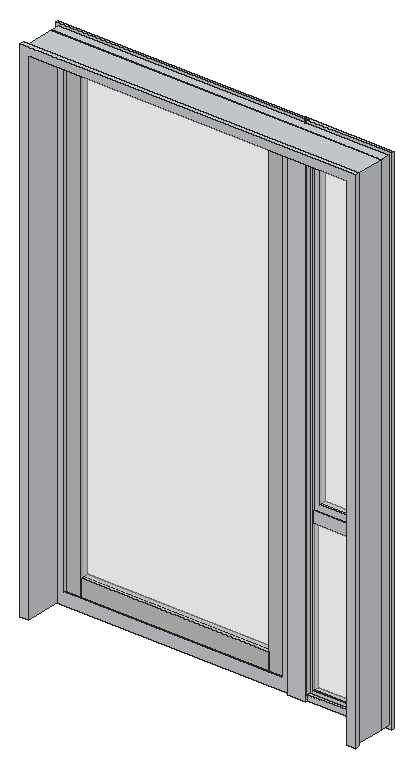
Revit family "APL Residential Thermal Heart Hinged Door with Sidelight", category Doors, host Wall, Revit 2017 (continued)
Definition of nested family "APL Residential Thermal Heart Hinged Door with Sidelight Open Out Horizontal Section"
  Definition of nested family "Open Out Jamb"
    Definition of nested family "65310_Open Out Frame"
      Lines and regions (mm)
        model lines, in view "Ref. Level"
          curve 125: line (44.1, 15.978, 0) -> (44.1, 12.522, 0)
          curve 126: line (43.92, 12.138, 0) -> (41.235, 9.9, 0)
          curve 127: line (41.055, 9.516, 0) -> (41.055, 8.7, 0)
          curve 128: line (41.255, 8.5, 0) -> (41.505, 8.5, 0)
          curve 129: line (42.069, 8.691, 0) -> (43.322, 9.456, 0)
          curve 130: line (43.322, 9.456, 0) -> (44, 9.5, 0)
          curve 131: line (44.194, 9.25, 0) -> (44.006, 8.525, 0)
          curve 132: line (44.006, 8.525, 0) -> (44, 5.247, 0)
          curve 133: line (43.746, 4.5, 0) -> (41.679, 5.043, 0)
          curve 134: line (41.679, 5.043, 0) -> (41.493, 5.352, 0)
          curve 135: line (41.159, 5.441, 0) -> (40.795, 5.078, 0)
          curve 136: line (40.708, 4.892, 0) -> (40.501, 2.526, 0)
          curve 137: line (40.903, 2.218, 0) -> (42.313, 2.732, 0)
          curve 138: line (43.083, 3, 0) -> (44.4, 3, 0)
          curve 139: line (44.6, 2.8, 0) -> (44.6, 1.3, 0)
          curve 140: line (45.9, 0, 0) -> (47.7, 0, 0)
          curve 141: line (47.7, 0, 0) -> (48, 0.3, 0)
          curve 142: line (48, 0.3, 0) -> (53.25, 0.3, 0)
          curve 143: line (53.25, 0.3, 0) -> (53.55, 0, 0)
          curve 144: line (53.55, 0, 0) -> (55.35, 0, 0)
          curve 145: line (55.35, 1.3, 0) -> (46, 1.3, 0)
          curve 146: line (46, 1.3, 0) -> (46, 23.1, 0)
          curve 147: line (46.5, 23.6, 0) -> (48.1, 23.6, 0)
          curve 148: line (48.6, 23.1, 0) -> (48.6, 21.2, 0)
          curve 149: line (49.1, 20.7, 0) -> (49.5, 20.7, 0)
          curve 150: line (50, 21.2, 0) -> (50, 52.5, 0)
          curve 151: arc (-4.1, 23.1, 0) -> (-4.241, 23.159, 0) -> (-4.3, 23.3, 0) r 0.2
          curve 152: arc (-4.3, 23.9, 0) -> (-4.359, 24.041, 0) -> (-4.5, 24.1, 0) r 0.2
          curve 153: arc (-4.875, 24.1, 0) -> (-5.496, 24.182, 0) -> (-6.075, 24.422, 0) r 2.4
          curve 154: arc (-13.9, 27.9, 0) -> (-14.041, 27.841, 0) -> (-14.1, 27.7, 0) r 0.2
          curve 155: arc (-14.1, -0.131, 0) -> (-13.951, -0.808, 0) -> (-13.528, -1.359, 0) r 1.6
          curve 156: arc (-7.044, -6.8, 0) -> (-6.701, -6.916, 0) -> (-6.369, -6.77, 0) r 0.5
          curve 157: arc (-1.693, -2.094, 0) -> (-1.476, -1.769, 0) -> (-1.4, -1.386, 0) r 1
          curve 158: arc (-1.4, 3.2, 0) -> (-0.844, 4.544, 0) -> (0.5, 5.1, 0) r 1.9
          curve 159: arc (23.3, 5.1, 0) -> (23.441, 5.159, 0) -> (23.5, 5.3, 0) r 0.2
          curve 160: arc (23.5, 16.1, 0) -> (23.441, 16.241, 0) -> (23.3, 16.3, 0) r 0.2
          curve 161: arc (18.3, 16.3, 0) -> (18.159, 16.359, 0) -> (18.1, 16.5, 0) r 0.2
          curve 162: arc (18.1, 17.7, 0) -> (18.159, 17.841, 0) -> (18.3, 17.9, 0) r 0.2
          curve 163: arc (23.3, 17.9, 0) -> (23.441, 17.959, 0) -> (23.5, 18.1, 0) r 0.2
          curve 164: arc (23.5, 23.9, 0) -> (23.441, 24.041, 0) -> (23.3, 24.1, 0) r 0.2
          curve 165: arc (16.301, 24.1, 0) -> (16.159, 24.042, 0) -> (16.1, 23.9, 0) r 0.2
          curve 166: arc (16.1, 23.3, 0) -> (16.041, 23.159, 0) -> (15.9, 23.1, 0) r 0.2
          curve 167: arc (11.3, 23.1, 0) -> (11.159, 23.159, 0) -> (11.1, 23.3, 0) r 0.2
          curve 168: arc (11.1, 23.9, 0) -> (11.041, 24.041, 0) -> (10.9, 24.1, 0) r 0.2
          curve 169: arc (2.7, 24.1, 0) -> (2.559, 24.041, 0) -> (2.5, 23.9, 0) r 0.2
          curve 170: arc (2.5, 16.5, 0) -> (2.441, 16.359, 0) -> (2.3, 16.3, 0) r 0.2
          curve 171: arc (1.3, 16.3, 0) -> (1.159, 16.359, 0) -> (1.1, 16.5, 0) r 0.2
          curve 172: arc (1.1, 22.9, 0) -> (1.041, 23.041, 0) -> (0.9, 23.1, 0) r 0.2
          curve 173: arc (26.317, 25.5, 0) -> (26.622, 25.301, 0) -> (26.895, 25.543, 0) r 0.3
          curve 174: arc (26.895, 25.543, 0) -> (26.961, 25.681, 0) -> (27.087, 25.768, 0) r 0.3
          curve 175: arc (28.497, 26.282, 0) -> (28.783, 26.238, 0) -> (28.899, 25.974, 0) r 0.3
          curve 176: arc (28.692, 23.608, 0) -> (28.665, 23.508, 0) -> (28.605, 23.422, 0) r 0.3
          curve 177: arc (28.241, 23.059, 0) -> (28.048, 23.007, 0) -> (27.907, 23.148, 0) r 0.2
          curve 178: arc (27.862, 23.316, 0) -> (27.81, 23.405, 0) -> (27.721, 23.457, 0) r 0.2
          curve 179: arc (25.5, 24, 0) -> (25.22, 23.807, 0) -> (25.3, 23.476, 0) r 0.3
          curve 180: arc (25.3, 23.476, 0) -> (25.374, 23.375, 0) -> (25.4, 23.253, 0) r 0.3
          curve 181: arc (25.206, 19.25, 0) -> (25.242, 19.078, 0) -> (25.4, 19, 0) r 0.2
          curve 182: arc (25.921, 19, 0) -> (26.002, 19.011, 0) -> (26.077, 19.044, 0) r 0.3
          curve 183: arc (27.331, 19.809, 0) -> (27.328, 19.979, 0) -> (27.434, 20.111, 0) r 0.25
          curve 184: arc (27.52, 20.163, 0) -> (27.75, 20.179, 0) -> (27.895, 20, 0) r 0.25
          curve 185: arc (28.145, 20, 0) -> (28.286, 19.941, 0) -> (28.345, 19.8, 0) r 0.2
          curve 186: arc (28.345, 18.984, 0) -> (28.298, 18.772, 0) -> (28.165, 18.6, 0) r 0.5
          curve 187: arc (25.58, 16.446, 0) -> (25.447, 16.274, 0) -> (25.4, 16.062, 0) r 0.5
          curve 188: arc (25.4, 12.438, 0) -> (25.447, 12.226, 0) -> (25.58, 12.054, 0) r 0.5
          curve 189: arc (28.165, 9.9, 0) -> (28.298, 9.728, 0) -> (28.345, 9.516, 0) r 0.5
          curve 190: arc (28.345, 8.7, 0) -> (28.286, 8.559, 0) -> (28.145, 8.5, 0) r 0.2
          curve 191: arc (27.895, 8.5, 0) -> (27.75, 8.321, 0) -> (27.52, 8.337, 0) r 0.25
          curve 192: arc (27.434, 8.389, 0) -> (27.328, 8.521, 0) -> (27.331, 8.691, 0) r 0.25
          curve 193: arc (26.078, 9.456, 0) -> (26.002, 9.489, 0) -> (25.921, 9.5, 0) r 0.3
          curve 194: arc (25.4, 9.5, 0) -> (25.242, 9.422, 0) -> (25.206, 9.25, 0) r 0.2
          curve 195: arc (25.4, 5.247, 0) -> (25.374, 5.125, 0) -> (25.3, 5.024, 0) r 0.3
          curve 196: arc (25.3, 5.024, 0) -> (25.22, 4.693, 0) -> (25.5, 4.5, 0) r 0.3
          curve 197: arc (27.721, 5.043, 0) -> (27.81, 5.095, 0) -> (27.862, 5.184, 0) r 0.2
          curve 198: arc (27.907, 5.352, 0) -> (28.048, 5.493, 0) -> (28.241, 5.441, 0) r 0.2
          curve 199: arc (28.605, 5.078, 0) -> (28.665, 4.992, 0) -> (28.692, 4.892, 0) r 0.3
          curve 200: arc (28.899, 2.526, 0) -> (28.783, 2.262, 0) -> (28.497, 2.218, 0) r 0.3
          curve 201: arc (27.087, 2.732, 0) -> (26.961, 2.819, 0) -> (26.895, 2.957, 0) r 0.3
          curve 202: arc (26.895, 2.957, 0) -> (26.622, 3.199, 0) -> (26.317, 3, 0) r 0.3
          curve 203: arc (24, 3, 0) -> (23.704, 3.097, 0) -> (23.523, 3.35, 0) r 0.5
          curve 204: arc (23.523, 3.35, 0) -> (23.342, 3.603, 0) -> (23.046, 3.7, 0) r 0.5
          curve 205: arc (0.5, 3.7, 0) -> (0.146, 3.554, 0) -> (0, 3.2, 0) r 0.5
          curve 206: arc (0, -1.801, 0) -> (-0.107, -2.336, 0) -> (-0.41, -2.791, 0) r 1.4
          curve 207: arc (-5.407, -7.787, 0) -> (-5.624, -8.112, 0) -> (-5.7, -8.495, 0) r 1
          curve 208: arc (-5.7, -14.159, 0) -> (-5.623, -14.316, 0) -> (-5.452, -14.353, 0) r 0.2
          curve 209: arc (-5.452, -14.353, 0) -> (-4.643, -14.677, 0) -> (-4.687, -15.548, 0) r 0.75
          curve 210: arc (-4.687, -15.548, 0) -> (-5.025, -16.505, 0) -> (-4.687, -17.462, 0) r 1.525
          curve 211: arc (-4.687, -17.462, 0) -> (-4.594, -17.613, 0) -> (-4.539, -17.781, 0) r 0.75
          curve 212: arc (-4.539, -17.781, 0) -> (-4.442, -17.992, 0) -> (-4.26, -18.136, 0) r 0.5
          curve 213: arc (-4.26, -18.136, 0) -> (-3.5, -18.305, 0) -> (-2.74, -18.137, 0) r 1.8
          curve 214: arc (-2.74, -18.137, 0) -> (-2.558, -17.992, 0) -> (-2.461, -17.78, 0) r 0.5
          curve 215: arc (-2.461, -17.78, 0) -> (-2.406, -17.612, 0) -> (-2.312, -17.461, 0) r 0.737
          curve 216: arc (-2.312, -17.461, 0) -> (-1.975, -16.505, 0) -> (-2.312, -15.549, 0) r 1.525
          curve 217: arc (-2.312, -15.549, 0) -> (-2.2, -14.512, 0) -> (-1.163, -14.624, 0) r 0.737
          curve 218: arc (-1.163, -14.624, 0) -> (-0.507, -16.296, 0) -> (-0.924, -18.044, 0) r 3
          curve 219: arc (-0.924, -18.044, 0) -> (-0.93, -18.547, 0) -> (-0.495, -18.8, 0) r 0.5
          curve 220: arc (-0.2, -18.8, 0) -> (-0.059, -18.859, 0) -> (0, -19, 0) r 0.2
          curve 221: arc (0, -19.8, 0) -> (-0.059, -19.941, 0) -> (-0.2, -20, 0) r 0.2
          curve 222: arc (-6, -20, 0) -> (-6.707, -19.707, 0) -> (-7, -19, 0) r 1
          curve 223: arc (-7, -10.063, 0) -> (-7.281, -8.795, 0) -> (-8.072, -7.765, 0) r 3
          curve 224: arc (-14.428, -2.431, 0) -> (-15.219, -1.401, 0) -> (-15.5, -0.133, 0) r 3
          curve 225: arc (-15.5, 33, 0) -> (-15.207, 33.707, 0) -> (-14.5, 34, 0) r 1
          curve 226: arc (-12.1, 34, 0) -> (-11.393, 33.707, 0) -> (-11.1, 33, 0) r 1
          curve 227: arc (-11.1, 32.9, 0) -> (-11.188, 32.688, 0) -> (-11.4, 32.6, 0) r 0.3
          curve 228: arc (-12.1, 29.3, 0) -> (-11.738, 29.252, 0) -> (-11.4, 29.112, 0) r 1.4
          curve 229: arc (-5.375, 25.634, 0) -> (-5.134, 25.534, 0) -> (-4.875, 25.5, 0) r 1
          curve 230: line (0.9, 23.1, 0) -> (-4.1, 23.1, 0)
          curve 231: line (-4.3, 23.3, 0) -> (-4.3, 23.9, 0)
          curve 232: line (-4.5, 24.1, 0) -> (-4.875, 24.1, 0)
          curve 233: line (-6.075, 24.422, 0) -> (-12.054, 27.873, 0)
          curve 234: line (-12.054, 27.873, 0) -> (-13.9, 27.9, 0)
          curve 235: line (-14.1, 27.7, 0) -> (-14.1, -0.131, 0)
          curve 236: line (-13.528, -1.359, 0) -> (-7.044, -6.8, 0)
          curve 237: line (-6.369, -6.77, 0) -> (-1.693, -2.094, 0)
          curve 238: line (-1.4, -1.386, 0) -> (-1.4, 3.2, 0)
          curve 239: line (0.5, 5.1, 0) -> (23.3, 5.1, 0)
          curve 240: line (23.5, 5.3, 0) -> (23.5, 16.1, 0)
          curve 241: line (23.3, 16.3, 0) -> (18.3, 16.3, 0)
          curve 242: line (18.1, 16.5, 0) -> (18.1, 17.7, 0)
          curve 243: line (18.3, 17.9, 0) -> (23.3, 17.9, 0)
          curve 244: line (23.5, 18.1, 0) -> (23.5, 23.9, 0)
          curve 245: line (23.3, 24.1, 0) -> (16.301, 24.1, 0)
          curve 246: line (16.1, 23.9, 0) -> (16.1, 23.3, 0)
          curve 247: line (15.9, 23.1, 0) -> (11.3, 23.1, 0)
          curve 248: line (11.1, 23.3, 0) -> (11.1, 23.9, 0)
          curve 249: line (10.9, 24.1, 0) -> (2.7, 24.1, 0)
          curve 250: line (2.5, 23.9, 0) -> (2.5, 16.5, 0)
          curve 251: line (2.3, 16.3, 0) -> (1.3, 16.3, 0)
          curve 252: line (1.1, 16.5, 0) -> (1.1, 22.9, 0)
          curve 253: line (27.087, 25.768, 0) -> (28.497, 26.282, 0)
          curve 254: line (28.899, 25.974, 0) -> (28.692, 23.608, 0)
          curve 255: line (28.605, 23.422, 0) -> (28.241, 23.059, 0)
          curve 256: line (27.907, 23.148, 0) -> (27.862, 23.316, 0)
          curve 257: line (27.862, 23.316, 0) -> (25.732, 23.99, 0)
          curve 258: line (25.732, 23.99, 0) -> (25.5, 24, 0)
          curve 259: line (25.4, 23.253, 0) -> (25.4, 20.025, 0)
          curve 260: line (25.4, 20.025, 0) -> (25.206, 19.25, 0)
          curve 261: line (25.4, 19, 0) -> (25.921, 19, 0)
          curve 262: line (25.921, 19, 0) -> (27.331, 19.809, 0)
          curve 263: line (27.895, 20, 0) -> (28.145, 20, 0)
          curve 264: line (28.345, 19.8, 0) -> (28.345, 18.984, 0)
          curve 265: line (28.165, 18.6, 0) -> (25.58, 16.446, 0)
          curve 266: line (25.4, 16.062, 0) -> (25.4, 12.438, 0)
          curve 267: line (25.58, 12.054, 0) -> (28.165, 9.9, 0)
          curve 268: line (28.345, 9.516, 0) -> (28.345, 8.7, 0)
          curve 269: line (28.145, 8.5, 0) -> (27.895, 8.5, 0)
          curve 270: line (27.331, 8.691, 0) -> (26.078, 9.456, 0)
          curve 271: line (26.078, 9.456, 0) -> (25.4, 9.5, 0)
          curve 272: line (25.206, 9.25, 0) -> (25.394, 8.525, 0)
          curve 273: line (25.394, 8.525, 0) -> (25.4, 5.247, 0)
          curve 274: line (25.654, 4.5, 0) -> (27.721, 5.043, 0)
          curve 275: line (27.721, 5.043, 0) -> (27.907, 5.352, 0)
          curve 276: line (28.241, 5.441, 0) -> (28.605, 5.078, 0)
          curve 277: line (28.692, 4.892, 0) -> (28.899, 2.526, 0)
          curve 278: line (28.497, 2.218, 0) -> (27.087, 2.732, 0)
          curve 279: line (26.317, 3, 0) -> (24, 3, 0)
          curve 280: line (23.046, 3.7, 0) -> (17.783, 3.7, 0)
          curve 281: line (17.783, 3.7, 0) -> (17.559, 3.559, 0)
          curve 282: line (17.559, 3.559, 0) -> (12.4, 3.5, 0)
          curve 283: line (12.4, 3.5, 0) -> (12, 3.9, 0)
          curve 284: line (12, 3.9, 0) -> (11.6, 3.5, 0)
          curve 285: line (11.6, 3.5, 0) -> (6.583, 3.5, 0)
          curve 286: line (6.583, 3.5, 0) -> (6.359, 3.641, 0)
          curve 287: line (6.359, 3.641, 0) -> (0.5, 3.7, 0)
          curve 288: line (0, 3.2, 0) -> (0, -1.801, 0)
          curve 289: line (-0.41, -2.791, 0) -> (-5.407, -7.787, 0)
          curve 290: line (-5.7, -8.495, 0) -> (-5.7, -14.159, 0)
          curve 291: line (-0.495, -18.8, 0) -> (-0.2, -18.8, 0)
          curve 292: line (0, -19, 0) -> (0, -19.8, 0)
          curve 293: line (-0.2, -20, 0) -> (-6, -20, 0)
          curve 294: line (-7, -19, 0) -> (-7, -10.063, 0)
          curve 295: line (-8.072, -7.765, 0) -> (-14.428, -2.431, 0)
          curve 296: line (-15.5, -0.133, 0) -> (-15.5, 33, 0)
          curve 297: line (-14.5, 34, 0) -> (-12.1, 34, 0)
          curve 298: line (-11.4, 32.6, 0) -> (-14.1, 32.6, 0)
          curve 299: line (-14.1, 32.6, 0) -> (-14.1, 29.3, 0)
          curve 300: line (-14.1, 29.3, 0) -> (-12.1, 29.3, 0)
          curve 301: line (-11.4, 29.112, 0) -> (-5.375, 25.634, 0)
          curve 302: line (-4.875, 25.5, 0) -> (-2, 25.5, 0)
          curve 303: line (-2, 25.5, 0) -> (-1.6, 25.1, 0)
          curve 304: line (-1.6, 25.1, 0) -> (-1.2, 25.5, 0)
          curve 305: line (-1.2, 25.5, 0) -> (4.1, 25.5, 0)
          curve 306: line (4.1, 25.5, 0) -> (4.5, 25.1, 0)
          curve 307: line (4.5, 25.1, 0) -> (4.9, 25.5, 0)
          curve 308: line (4.9, 25.5, 0) -> (26.317, 25.5, 0)
          curve 309: arc (25.4, 19.939, 0) -> (25.517, 19.656, 0) -> (25.8, 19.539, 0) r 0.4
          curve 310: arc (26.093, 19.539, 0) -> (26.196, 19.553, 0) -> (26.293, 19.593, 0) r 0.4
          curve 311: arc (27.821, 20.478, 0) -> (28.111, 20.598, 0) -> (28.422, 20.639, 0) r 1.2
          curve 312: arc (29.345, 20.639, 0) -> (29.918, 20.82, 0) -> (30.284, 21.297, 0) r 1
          curve 313: arc (31.077, 23.476, 0) -> (31.224, 23.667, 0) -> (31.453, 23.739, 0) r 0.4
          curve 314: arc (37.947, 23.739, 0) -> (38.176, 23.667, 0) -> (38.323, 23.476, 0) r 0.4
          curve 315: arc (39.116, 21.297, 0) -> (39.482, 20.82, 0) -> (40.055, 20.639, 0) r 1
          curve 316: arc (40.978, 20.639, 0) -> (41.289, 20.598, 0) -> (41.579, 20.478, 0) r 1.2
          curve 317: arc (43.107, 19.593, 0) -> (43.204, 19.553, 0) -> (43.307, 19.539, 0) r 0.4
          curve 318: arc (43.6, 19.539, 0) -> (43.883, 19.656, 0) -> (44, 19.939, 0) r 0.4
          curve 319: arc (44, 23.339, 0) -> (43.883, 23.622, 0) -> (43.6, 23.739, 0) r 0.4
          curve 320: arc (43.307, 23.739, 0) -> (43.204, 23.725, 0) -> (43.107, 23.685, 0) r 0.4
          curve 321: arc (41.579, 22.801, 0) -> (41.285, 22.679, 0) -> (40.97, 22.639, 0) r 1.2
          curve 322: arc (40.97, 22.639, 0) -> (40.795, 22.692, 0) -> (40.684, 22.836, 0) r 0.3
          curve 323: arc (39.796, 25.276, 0) -> (39.649, 25.467, 0) -> (39.42, 25.539, 0) r 0.4
          curve 324: arc (29.98, 25.539, 0) -> (29.751, 25.467, 0) -> (29.604, 25.276, 0) r 0.4
          curve 325: arc (28.716, 22.836, 0) -> (28.605, 22.692, 0) -> (28.43, 22.639, 0) r 0.3
          curve 326: arc (28.43, 22.639, 0) -> (28.115, 22.679, 0) -> (27.821, 22.801, 0) r 1.2
          curve 327: arc (26.293, 23.685, 0) -> (26.196, 23.725, 0) -> (26.093, 23.739, 0) r 0.4
          curve 328: arc (25.8, 23.739, 0) -> (25.517, 23.622, 0) -> (25.4, 23.339, 0) r 0.4
          curve 329: line (25.8, 19.539, 0) -> (26.093, 19.539, 0)
          curve 330: line (26.293, 19.593, 0) -> (27.821, 20.478, 0)
          curve 331: line (28.422, 20.639, 0) -> (29.345, 20.639, 0)
          curve 332: line (30.284, 21.297, 0) -> (31.077, 23.476, 0)
          curve 333: line (31.453, 23.739, 0) -> (37.947, 23.739, 0)
          curve 334: line (38.323, 23.476, 0) -> (39.116, 21.297, 0)
          curve 335: line (40.055, 20.639, 0) -> (40.978, 20.639, 0)
          curve 336: line (41.579, 20.478, 0) -> (43.107, 19.593, 0)
          curve 337: line (43.307, 19.539, 0) -> (43.6, 19.539, 0)
          curve 338: line (44, 19.939, 0) -> (44, 23.339, 0)
          curve 339: line (43.6, 23.739, 0) -> (43.307, 23.739, 0)
          curve 340: line (43.107, 23.685, 0) -> (41.579, 22.801, 0)
          curve 341: line (40.684, 22.836, 0) -> (39.796, 25.276, 0)
          curve 342: line (39.42, 25.539, 0) -> (29.98, 25.539, 0)
          curve 343: line (29.604, 25.276, 0) -> (28.716, 22.836, 0)
          curve 344: line (27.821, 22.801, 0) -> (26.293, 23.685, 0)
          curve 345: line (26.093, 23.739, 0) -> (25.8, 23.739, 0)
          curve 346: line (25.4, 23.339, 0) -> (25.4, 19.939, 0)
      Text (mm)
        text "65310" at (6.108, 51.612, 0), in view "Ref. Level"
    Definition of nested family "65210_Lock Stile"
      Reference planes
        plane 1 "Center (Front/Back)": y = 0
        plane 2: z = 0
        plane 3 "Center (Left/Right)": x = 0
      Lines and regions (mm)
        model lines, in view "Ref. Level"
          curve 1: arc (27.4, 64.45, 0) -> (27.272, 64.668, 0) -> (27.019, 64.663, 0) r 0.25
          curve 2: arc (26.934, 64.611, 0) -> (26.828, 64.479, 0) -> (26.831, 64.309, 0) r 0.25
          curve 3: arc (25.577, 63.544, 0) -> (25.502, 63.511, 0) -> (25.421, 63.5, 0) r 0.3
          curve 4: arc (24.9, 63.5, 0) -> (24.742, 63.578, 0) -> (24.706, 63.75, 0) r 0.2
          curve 5: arc (24.9, 67.753, 0) -> (24.874, 67.875, 0) -> (24.8, 67.976, 0) r 0.3
          curve 6: arc (24.8, 67.976, 0) -> (24.72, 68.307, 0) -> (25, 68.5, 0) r 0.3
          curve 7: arc (27.221, 67.957, 0) -> (27.31, 67.905, 0) -> (27.362, 67.816, 0) r 0.2
          curve 8: arc (27.407, 67.648, 0) -> (27.548, 67.507, 0) -> (27.741, 67.559, 0) r 0.2
          curve 9: arc (28.105, 67.922, 0) -> (28.165, 68.008, 0) -> (28.192, 68.108, 0) r 0.3
          curve 10: arc (28.399, 70.474, 0) -> (28.283, 70.738, 0) -> (27.997, 70.782, 0) r 0.3
          curve 11: arc (26.587, 70.268, 0) -> (26.461, 70.181, 0) -> (26.395, 70.043, 0) r 0.3
          curve 12: arc (26.395, 70.043, 0) -> (26.122, 69.801, 0) -> (25.817, 70, 0) r 0.3
          curve 13: arc (24.003, 70, 0) -> (23.295, 69.707, 0) -> (23.003, 69, 0) r 1
          curve 14: arc (23.003, 63.28, 0) -> (22.944, 63.139, 0) -> (22.803, 63.08, 0) r 0.2
          curve 15: arc (17.703, 63.08, 0) -> (17.561, 63.139, 0) -> (17.503, 63.28, 0) r 0.2
          curve 16: arc (17.503, 69, 0) -> (17.21, 69.707, 0) -> (16.503, 70, 0) r 1
          curve 17: arc (9.5, 70, 0) -> (9.359, 69.941, 0) -> (9.3, 69.8, 0) r 0.2
          curve 18: arc (9.3, 69.5, 0) -> (9.38, 69.2, 0) -> (9.6, 68.98, 0) r 0.6
          curve 19: arc (10.7, 68.345, 0) -> (10.773, 68.272, 0) -> (10.8, 68.172, 0) r 0.2
          curve 20: arc (10.8, 64.08, 0) -> (10.507, 63.373, 0) -> (9.8, 63.08, 0) r 1
          curve 21: arc (2.42, 63.08, 0) -> (1.721, 63.366, 0) -> (1.421, 64.06, 0) r 1
          curve 22: arc (1.322, 68.935, 0) -> (1.357, 69.052, 0) -> (1.453, 69.127, 0) r 0.2
          curve 23: arc (1.453, 69.127, 0) -> (1.621, 69.234, 0) -> (1.725, 69.403, 0) r 0.45
          curve 24: arc (1.725, 69.403, 0) -> (1.729, 69.522, 0) -> (1.665, 69.621, 0) r 0.2
          curve 25: arc (0.2, 70, 0) -> (0.059, 69.941, 0) -> (0, 69.8, 0) r 0.2
          curve 26: arc (0, 0.501, 0) -> (0.146, 0.147, 0) -> (0.5, 0, 0) r 0.5
          curve 27: arc (1, 0, 0) -> (1.354, 0.146, 0) -> (1.5, 0.5, 0) r 0.5
          curve 28: arc (1.5, 2.8, 0) -> (1.559, 2.941, 0) -> (1.7, 3, 0) r 0.2
          curve 29: arc (31.817, 3, 0) -> (32.122, 3.199, 0) -> (32.395, 2.957, 0) r 0.3
          curve 30: arc (32.395, 2.957, 0) -> (32.461, 2.819, 0) -> (32.587, 2.732, 0) r 0.3
          curve 31: arc (33.997, 2.218, 0) -> (34.283, 2.262, 0) -> (34.399, 2.526, 0) r 0.3
          curve 32: arc (34.192, 4.892, 0) -> (34.165, 4.992, 0) -> (34.105, 5.078, 0) r 0.3
          curve 33: arc (33.741, 5.441, 0) -> (33.548, 5.493, 0) -> (33.407, 5.352, 0) r 0.2
          curve 34: arc (33.362, 5.184, 0) -> (33.31, 5.095, 0) -> (33.221, 5.043, 0) r 0.2
          curve 35: arc (31, 4.5, 0) -> (30.72, 4.693, 0) -> (30.8, 5.024, 0) r 0.3
          curve 36: arc (30.8, 5.024, 0) -> (30.874, 5.125, 0) -> (30.9, 5.247, 0) r 0.3
          curve 37: arc (30.706, 9.25, 0) -> (30.742, 9.422, 0) -> (30.9, 9.5, 0) r 0.2
          curve 38: arc (31.421, 9.5, 0) -> (31.502, 9.489, 0) -> (31.577, 9.456, 0) r 0.3
          curve 39: arc (32.831, 8.691, 0) -> (32.828, 8.521, 0) -> (32.934, 8.389, 0) r 0.25
          curve 40: arc (33.02, 8.337, 0) -> (33.272, 8.332, 0) -> (33.4, 8.55, 0) r 0.25
          curve 41: arc (33.4, 11.2, 0) -> (33.341, 11.341, 0) -> (33.2, 11.4, 0) r 0.2
          curve 42: arc (30, 11.4, 0) -> (29.293, 11.107, 0) -> (29, 10.4, 0) r 1
          curve 43: arc (2.1, 4.6, 0) -> (1.746, 4.746, 0) -> (1.6, 5.1, 0) r 0.5
          curve 44: arc (1.6, 60.98, 0) -> (1.746, 61.334, 0) -> (2.1, 61.48, 0) r 0.5
          curve 45: arc (9.8, 61.48, 0) -> (11.638, 62.242, 0) -> (12.4, 64.08, 0) r 2.6
          curve 46: arc (12.4, 68.2, 0) -> (12.459, 68.341, 0) -> (12.6, 68.4, 0) r 0.2
          curve 47: arc (15.703, 68.4, 0) -> (15.844, 68.341, 0) -> (15.903, 68.2, 0) r 0.2
          curve 48: arc (15.903, 62, 0) -> (16.049, 61.646, 0) -> (16.403, 61.5, 0) r 0.5
          curve 49: arc (27.2, 61.5, 0) -> (27.341, 61.559, 0) -> (27.4, 61.7, 0) r 0.2
          curve 50: line (26.831, 64.309, 0) -> (25.577, 63.544, 0)
          curve 51: line (25.577, 63.544, 0) -> (24.9, 63.5, 0)
          curve 52: line (24.706, 63.75, 0) -> (24.894, 64.475, 0)
          curve 53: line (24.894, 64.475, 0) -> (24.9, 67.753, 0)
          curve 54: line (25.154, 68.5, 0) -> (27.221, 67.957, 0)
          curve 55: line (27.221, 67.957, 0) -> (27.407, 67.648, 0)
          curve 56: line (27.741, 67.559, 0) -> (28.105, 67.922, 0)
          curve 57: line (28.192, 68.108, 0) -> (28.399, 70.474, 0)
          curve 58: line (27.997, 70.782, 0) -> (26.587, 70.268, 0)
          curve 59: line (25.817, 70, 0) -> (24.003, 70, 0)
          curve 60: line (23.003, 69, 0) -> (23.003, 63.28, 0)
          curve 61: line (22.803, 63.08, 0) -> (17.703, 63.08, 0)
          curve 62: line (17.503, 63.28, 0) -> (17.503, 69, 0)
          curve 63: line (16.503, 70, 0) -> (9.5, 70, 0)
          curve 64: line (9.3, 69.8, 0) -> (9.3, 69.5, 0)
          curve 65: line (9.6, 68.98, 0) -> (10.7, 68.345, 0)
          curve 66: line (10.8, 68.172, 0) -> (10.8, 64.08, 0)
          curve 67: line (9.8, 63.08, 0) -> (2.42, 63.08, 0)
          curve 68: line (1.421, 64.06, 0) -> (1.322, 68.935, 0)
          curve 69: line (1.665, 69.621, 0) -> (1.269, 69.953, 0)
          curve 70: line (1.269, 69.953, 0) -> (0.2, 70, 0)
          curve 71: line (0, 69.8, 0) -> (0, 0.501, 0)
          curve 72: line (0.5, 0, 0) -> (1, 0, 0)
          curve 73: line (1.5, 0.5, 0) -> (1.5, 2.8, 0)
          curve 74: line (1.7, 3, 0) -> (17.6, 3, 0)
          curve 75: line (17.6, 3, 0) -> (18, 3.4, 0)
          curve 76: line (18, 3.4, 0) -> (18.4, 3, 0)
          curve 77: line (18.4, 3, 0) -> (19.6, 3, 0)
          curve 78: line (19.6, 3, 0) -> (20, 3.4, 0)
          curve 79: line (20, 3.4, 0) -> (20.4, 3, 0)
          curve 80: line (20.4, 3, 0) -> (31.817, 3, 0)
          curve 81: line (32.587, 2.732, 0) -> (33.997, 2.218, 0)
          curve 82: line (34.399, 2.526, 0) -> (34.192, 4.892, 0)
          curve 83: line (34.105, 5.078, 0) -> (33.741, 5.441, 0)
          curve 84: line (33.407, 5.352, 0) -> (33.362, 5.184, 0)
          curve 85: line (33.362, 5.184, 0) -> (31.232, 4.51, 0)
          curve 86: line (31.232, 4.51, 0) -> (31, 4.5, 0)
          curve 87: line (30.9, 5.247, 0) -> (30.9, 8.475, 0)
          curve 88: line (30.9, 8.475, 0) -> (30.706, 9.25, 0)
          curve 89: line (30.9, 9.5, 0) -> (31.421, 9.5, 0)
          curve 90: line (31.421, 9.5, 0) -> (32.831, 8.691, 0)
          curve 91: line (33.4, 8.55, 0) -> (33.4, 11.2, 0)
          curve 92: line (33.2, 11.4, 0) -> (30, 11.4, 0)
          curve 93: line (29, 10.4, 0) -> (29, 5.8, 0)
          curve 94: line (29, 5.8, 0) -> (23.5, 5.8, 0)
          curve 95: line (23.5, 5.8, 0) -> (22.3, 4.6, 0)
          curve 96: line (22.3, 4.6, 0) -> (15.7, 4.6, 0)
          curve 97: line (15.7, 4.6, 0) -> (14.5, 5.8, 0)
          curve 98: line (14.5, 5.8, 0) -> (9.5, 5.8, 0)
          curve 99: line (9.5, 5.8, 0) -> (8.3, 4.6, 0)
          curve 100: line (8.3, 4.6, 0) -> (2.1, 4.6, 0)
          curve 101: line (1.6, 5.1, 0) -> (1.6, 60.98, 0)
          curve 102: line (2.1, 61.48, 0) -> (9.8, 61.48, 0)
          curve 103: line (12.4, 64.08, 0) -> (12.4, 68.2, 0)
          curve 104: line (12.6, 68.4, 0) -> (15.703, 68.4, 0)
          curve 105: line (15.903, 68.2, 0) -> (15.903, 62, 0)
          curve 106: line (16.403, 61.5, 0) -> (19.603, 61.5, 0)
          curve 107: line (19.603, 61.5, 0) -> (20.003, 61.9, 0)
          curve 108: line (20.003, 61.9, 0) -> (20.403, 61.5, 0)
          curve 109: line (20.403, 61.5, 0) -> (27.2, 61.5, 0)
          curve 110: line (27.4, 61.7, 0) -> (27.4, 64.45, 0)
          curve 111: line (27.4, 64.45, 0) -> (27.4, 63.6, 0)
          curve 112: arc (41, 62.874, 0) -> (41.128, 62.385, 0) -> (41.479, 62.021, 0) r 1
          curve 113: arc (42.049, 61.673, 0) -> (42.174, 61.619, 0) -> (42.309, 61.6, 0) r 0.5
          curve 114: arc (44.9, 61.6, 0) -> (45.254, 61.746, 0) -> (45.4, 62.1, 0) r 0.5
          curve 115: arc (45.4, 68.091, 0) -> (45.455, 68.318, 0) -> (45.608, 68.496, 0) r 0.5
          curve 116: arc (45.608, 68.496, 0) -> (45.836, 68.687, 0) -> (46.035, 68.908, 0) r 2.1
          curve 117: arc (46.035, 68.908, 0) -> (46.21, 69.049, 0) -> (46.429, 69.1, 0) r 0.5
          curve 118: arc (49.6, 69.1, 0) -> (49.954, 68.954, 0) -> (50.1, 68.6, 0) r 0.5
          curve 119: arc (50.1, 15.4, 0) -> (49.954, 15.046, 0) -> (49.6, 14.9, 0) r 0.5
          curve 120: arc (45.3, 14.9, 0) -> (45.159, 14.841, 0) -> (45.1, 14.7, 0) r 0.2
          curve 121: arc (45.1, 13.1, 0) -> (45.159, 12.959, 0) -> (45.3, 12.9, 0) r 0.2
          curve 122: arc (49.9, 12.9, 0) -> (50.041, 12.841, 0) -> (50.1, 12.7, 0) r 0.2
          curve 123: arc (50.1, 11.7, 0) -> (50.041, 11.559, 0) -> (49.9, 11.5, 0) r 0.2
          curve 124: arc (48.473, 11.5, 0) -> (48.338, 11.481, 0) -> (48.212, 11.427, 0) r 0.5
          curve 125: arc (47.479, 10.979, 0) -> (47.128, 10.615, 0) -> (47, 10.126, 0) r 1
          curve 126: arc (47, 8.55, 0) -> (47.128, 8.332, 0) -> (47.38, 8.337, 0) r 0.25
          curve 127: arc (47.466, 8.389, 0) -> (47.572, 8.521, 0) -> (47.569, 8.691, 0) r 0.25
          curve 128: arc (48.823, 9.456, 0) -> (48.898, 9.489, 0) -> (48.979, 9.5, 0) r 0.3
          curve 129: arc (49.5, 9.5, 0) -> (49.658, 9.422, 0) -> (49.694, 9.25, 0) r 0.2
          curve 130: arc (49.5, 5.247, 0) -> (49.526, 5.125, 0) -> (49.6, 5.024, 0) r 0.3
          curve 131: arc (49.6, 5.024, 0) -> (49.68, 4.693, 0) -> (49.4, 4.5, 0) r 0.3
          curve 132: arc (47.179, 5.043, 0) -> (47.09, 5.095, 0) -> (47.038, 5.184, 0) r 0.2
          curve 133: arc (46.993, 5.352, 0) -> (46.852, 5.493, 0) -> (46.659, 5.441, 0) r 0.2
          curve 134: arc (46.295, 5.078, 0) -> (46.235, 4.992, 0) -> (46.208, 4.892, 0) r 0.3
          curve 135: arc (46.001, 2.526, 0) -> (46.117, 2.262, 0) -> (46.403, 2.218, 0) r 0.3
          curve 136: arc (47.813, 2.732, 0) -> (47.939, 2.819, 0) -> (48.005, 2.957, 0) r 0.3
          curve 137: arc (48.005, 2.957, 0) -> (48.278, 3.199, 0) -> (48.583, 3, 0) r 0.3
          curve 138: arc (50.5, 0.5, 0) -> (50.646, 0.146, 0) -> (51, 0, 0) r 0.5
          curve 139: arc (51.5, 0, 0) -> (51.854, 0.146, 0) -> (52, 0.5, 0) r 0.5
          curve 140: arc (52, 89.2, 0) -> (51.8, 89.4, 0) -> (51.6, 89.2, 0) r 0.2
          curve 141: arc (43, 89, 0) -> (42.646, 88.854, 0) -> (42.5, 88.5, 0) r 0.5
          curve 142: arc (42.5, 87.25, 0) -> (43, 86.75, 0) -> (43.5, 87.25, 0) r 0.5
          curve 143: arc (43.5, 87.8, 0) -> (43.559, 87.941, 0) -> (43.7, 88, 0) r 0.2
          curve 144: arc (44.8, 88, 0) -> (44.941, 87.941, 0) -> (45, 87.8, 0) r 0.2
          curve 145: arc (45, 82.7, 0) -> (44.941, 82.559, 0) -> (44.8, 82.5, 0) r 0.2
          curve 146: arc (43.7, 82.5, 0) -> (43.559, 82.559, 0) -> (43.5, 82.7, 0) r 0.2
          curve 147: arc (43.5, 83.25, 0) -> (43, 83.75, 0) -> (42.5, 83.25, 0) r 0.5
          curve 148: arc (42.5, 81.7, 0) -> (42.559, 81.559, 0) -> (42.7, 81.5, 0) r 0.2
          curve 149: arc (46, 81.5, 0) -> (46.354, 81.646, 0) -> (46.5, 82, 0) r 0.5
          curve 150: arc (46.5, 87, 0) -> (46.646, 87.354, 0) -> (47, 87.5, 0) r 0.5
          curve 151: arc (49.6, 87.5, 0) -> (49.954, 87.354, 0) -> (50.1, 87, 0) r 0.5
          curve 152: arc (50.1, 71.5, 0) -> (49.954, 71.146, 0) -> (49.6, 71, 0) r 0.5
          curve 153: arc (44.78, 71, 0) -> (44.639, 70.941, 0) -> (44.58, 70.8, 0) r 0.2
          curve 154: arc (44.58, 70.2, 0) -> (44.521, 70.059, 0) -> (44.38, 70, 0) r 0.2
          curve 155: arc (42.583, 70, 0) -> (42.278, 69.801, 0) -> (42.005, 70.043, 0) r 0.3
          curve 156: arc (42.005, 70.043, 0) -> (41.939, 70.181, 0) -> (41.813, 70.268, 0) r 0.3
          curve 157: arc (40.403, 70.782, 0) -> (40.117, 70.738, 0) -> (40.001, 70.474, 0) r 0.3
          curve 158: arc (40.208, 68.108, 0) -> (40.235, 68.008, 0) -> (40.295, 67.922, 0) r 0.3
          curve 159: arc (40.659, 67.559, 0) -> (40.852, 67.507, 0) -> (40.993, 67.648, 0) r 0.2
          curve 160: arc (41.038, 67.816, 0) -> (41.09, 67.905, 0) -> (41.179, 67.957, 0) r 0.2
          curve 161: arc (43.4, 68.5, 0) -> (43.68, 68.307, 0) -> (43.6, 67.976, 0) r 0.3
          curve 162: arc (43.6, 67.976, 0) -> (43.526, 67.875, 0) -> (43.5, 67.753, 0) r 0.3
          curve 163: arc (43.694, 63.75, 0) -> (43.658, 63.578, 0) -> (43.5, 63.5, 0) r 0.2
          curve 164: arc (42.979, 63.5, 0) -> (42.898, 63.511, 0) -> (42.823, 63.544, 0) r 0.3
          curve 165: arc (41.569, 64.309, 0) -> (41.572, 64.479, 0) -> (41.466, 64.611, 0) r 0.25
          curve 166: line (41, 64.45, 0) -> (41, 62.874, 0)
          curve 167: line (41.479, 62.021, 0) -> (42.049, 61.673, 0)
          curve 168: line (42.309, 61.6, 0) -> (44.9, 61.6, 0)
          curve 169: line (45.4, 62.1, 0) -> (45.4, 68.091, 0)
          curve 170: line (46.429, 69.1, 0) -> (49.6, 69.1, 0)
          curve 171: line (50.1, 68.6, 0) -> (50.1, 15.4, 0)
          curve 172: line (49.6, 14.9, 0) -> (45.3, 14.9, 0)
          curve 173: line (45.1, 14.7, 0) -> (45.1, 13.1, 0)
          curve 174: line (45.3, 12.9, 0) -> (49.9, 12.9, 0)
          curve 175: line (50.1, 12.7, 0) -> (50.1, 11.7, 0)
          curve 176: line (49.9, 11.5, 0) -> (48.473, 11.5, 0)
          curve 177: line (48.212, 11.427, 0) -> (47.479, 10.979, 0)
          curve 178: line (47, 10.126, 0) -> (47, 8.55, 0)
          curve 179: line (47.569, 8.691, 0) -> (48.823, 9.456, 0)
          curve 180: line (48.823, 9.456, 0) -> (49.5, 9.5, 0)
          curve 181: line (49.694, 9.25, 0) -> (49.506, 8.525, 0)
          curve 182: line (49.506, 8.525, 0) -> (49.5, 5.247, 0)
          curve 183: line (49.246, 4.5, 0) -> (47.179, 5.043, 0)
          curve 184: line (47.179, 5.043, 0) -> (46.993, 5.352, 0)
          curve 185: line (46.659, 5.441, 0) -> (46.295, 5.078, 0)
          curve 186: line (46.208, 4.892, 0) -> (46.001, 2.526, 0)
          curve 187: line (46.403, 2.218, 0) -> (47.813, 2.732, 0)
          curve 188: line (48.583, 3, 0) -> (50.5, 3, 0)
          curve 189: line (50.5, 3, 0) -> (50.5, 0.5, 0)
          curve 190: line (51, 0, 0) -> (51.5, 0, 0)
          curve 191: line (52, 0.5, 0) -> (52, 89.2, 0)
          curve 192: line (51.6, 89.2, 0) -> (51.6, 89, 0)
          curve 193: line (51.6, 89, 0) -> (43, 89, 0)
          curve 194: line (42.5, 88.5, 0) -> (42.5, 87.25, 0)
          curve 195: line (43.5, 87.25, 0) -> (43.5, 87.8, 0)
          curve 196: line (43.7, 88, 0) -> (44.8, 88, 0)
          curve 197: line (45, 87.8, 0) -> (45, 82.7, 0)
          curve 198: line (44.8, 82.5, 0) -> (43.7, 82.5, 0)
          curve 199: line (43.5, 82.7, 0) -> (43.5, 83.25, 0)
          curve 200: line (42.5, 83.25, 0) -> (42.5, 81.7, 0)
          curve 201: line (42.7, 81.5, 0) -> (46, 81.5, 0)
          curve 202: line (46.5, 82, 0) -> (46.5, 87, 0)
          curve 203: line (47, 87.5, 0) -> (49.6, 87.5, 0)
          curve 204: line (50.1, 87, 0) -> (50.1, 71.5, 0)
          curve 205: line (49.6, 71, 0) -> (44.78, 71, 0)
          curve 206: line (44.58, 70.8, 0) -> (44.58, 70.2, 0)
          curve 207: line (44.38, 70, 0) -> (42.583, 70, 0)
          curve 208: line (41.813, 70.268, 0) -> (40.403, 70.782, 0)
          curve 209: line (40.001, 70.474, 0) -> (40.208, 68.108, 0)
          curve 210: line (40.295, 67.922, 0) -> (40.659, 67.559, 0)
          curve 211: line (40.993, 67.648, 0) -> (41.038, 67.816, 0)
          curve 212: line (41.038, 67.816, 0) -> (43.168, 68.49, 0)
          curve 213: line (43.168, 68.49, 0) -> (43.4, 68.5, 0)
          curve 214: line (43.5, 67.753, 0) -> (43.5, 64.525, 0)
          curve 215: line (43.5, 64.525, 0) -> (43.694, 63.75, 0)
          curve 216: line (43.5, 63.5, 0) -> (42.979, 63.5, 0)
          curve 217: line (42.979, 63.5, 0) -> (41.569, 64.309, 0)
          curve 218: arc (41.38, 64.663, 0) -> (41.128, 64.668, 0) -> (41, 64.45, 0) r 0.25
          curve 219: arc (30.9, 8.561, 0) -> (31.017, 8.844, 0) -> (31.3, 8.961, 0) r 0.4
          curve 220: arc (31.593, 8.961, 0) -> (31.696, 8.947, 0) -> (31.793, 8.907, 0) r 0.4
          curve 221: arc (33.321, 8.022, 0) -> (33.611, 7.902, 0) -> (33.922, 7.861, 0) r 1.2
          curve 222: arc (34.845, 7.861, 0) -> (35.418, 7.68, 0) -> (35.784, 7.203, 0) r 1
          curve 223: arc (36.577, 5.024, 0) -> (36.724, 4.833, 0) -> (36.953, 4.761, 0) r 0.4
          curve 224: arc (43.447, 4.761, 0) -> (43.676, 4.833, 0) -> (43.823, 5.024, 0) r 0.4
          curve 225: arc (44.616, 7.203, 0) -> (44.982, 7.68, 0) -> (45.555, 7.861, 0) r 1
          curve 226: arc (46.478, 7.861, 0) -> (46.789, 7.902, 0) -> (47.079, 8.022, 0) r 1.2
          curve 227: arc (48.607, 8.907, 0) -> (48.704, 8.947, 0) -> (48.807, 8.961, 0) r 0.4
          curve 228: arc (49.1, 8.961, 0) -> (49.383, 8.844, 0) -> (49.5, 8.561, 0) r 0.4
          curve 229: arc (49.5, 5.161, 0) -> (49.383, 4.878, 0) -> (49.1, 4.761, 0) r 0.4
          curve 230: arc (48.807, 4.761, 0) -> (48.704, 4.775, 0) -> (48.607, 4.815, 0) r 0.4
          curve 231: arc (47.079, 5.699, 0) -> (46.785, 5.821, 0) -> (46.47, 5.861, 0) r 1.2
          curve 232: arc (46.47, 5.861, 0) -> (46.295, 5.808, 0) -> (46.184, 5.664, 0) r 0.3
          curve 233: arc (45.296, 3.224, 0) -> (45.149, 3.033, 0) -> (44.92, 2.961, 0) r 0.4
          curve 234: arc (35.48, 2.961, 0) -> (35.251, 3.033, 0) -> (35.104, 3.224, 0) r 0.4
          curve 235: arc (34.216, 5.664, 0) -> (34.105, 5.808, 0) -> (33.93, 5.861, 0) r 0.3
          curve 236: arc (33.93, 5.861, 0) -> (33.615, 5.821, 0) -> (33.321, 5.699, 0) r 1.2
          curve 237: arc (31.793, 4.815, 0) -> (31.696, 4.775, 0) -> (31.593, 4.761, 0) r 0.4
          curve 238: arc (31.3, 4.761, 0) -> (31.017, 4.878, 0) -> (30.9, 5.161, 0) r 0.4
          curve 239: line (31.3, 8.961, 0) -> (31.593, 8.961, 0)
          curve 240: line (31.793, 8.907, 0) -> (33.321, 8.022, 0)
          curve 241: line (33.922, 7.861, 0) -> (34.845, 7.861, 0)
          curve 242: line (35.784, 7.203, 0) -> (36.577, 5.024, 0)
          curve 243: line (36.953, 4.761, 0) -> (43.447, 4.761, 0)
          curve 244: line (43.823, 5.024, 0) -> (44.616, 7.203, 0)
          curve 245: line (45.555, 7.861, 0) -> (46.478, 7.861, 0)
          curve 246: line (47.079, 8.022, 0) -> (48.607, 8.907, 0)
          curve 247: line (48.807, 8.961, 0) -> (49.1, 8.961, 0)
          curve 248: line (49.5, 8.561, 0) -> (49.5, 5.161, 0)
          curve 249: line (49.1, 4.761, 0) -> (48.807, 4.761, 0)
          curve 250: line (48.607, 4.815, 0) -> (47.079, 5.699, 0)
          curve 251: line (46.184, 5.664, 0) -> (45.296, 3.224, 0)
          curve 252: line (44.92, 2.961, 0) -> (35.48, 2.961, 0)
          curve 253: line (35.104, 3.224, 0) -> (34.216, 5.664, 0)
          curve 254: line (33.321, 5.699, 0) -> (31.793, 4.815, 0)
          curve 255: line (31.593, 4.761, 0) -> (31.3, 4.761, 0)
          curve 256: line (30.9, 5.161, 0) -> (30.9, 8.561, 0)
          curve 257: arc (24.9, 64.439, 0) -> (25.017, 64.156, 0) -> (25.3, 64.039, 0) r 0.4
          curve 258: arc (25.593, 64.039, 0) -> (25.696, 64.053, 0) -> (25.793, 64.093, 0) r 0.4
          curve 259: arc (27.321, 64.978, 0) -> (27.611, 65.098, 0) -> (27.922, 65.139, 0) r 1.2
          curve 260: arc (28.845, 65.139, 0) -> (29.418, 65.32, 0) -> (29.784, 65.797, 0) r 1
          curve 261: arc (30.577, 67.976, 0) -> (30.724, 68.167, 0) -> (30.953, 68.239, 0) r 0.4
          curve 262: arc (37.447, 68.239, 0) -> (37.676, 68.167, 0) -> (37.823, 67.976, 0) r 0.4
          curve 263: arc (38.616, 65.797, 0) -> (38.982, 65.32, 0) -> (39.555, 65.139, 0) r 1
          curve 264: arc (40.478, 65.139, 0) -> (40.789, 65.098, 0) -> (41.079, 64.978, 0) r 1.2
          curve 265: arc (42.607, 64.093, 0) -> (42.704, 64.053, 0) -> (42.807, 64.039, 0) r 0.4
          curve 266: arc (43.1, 64.039, 0) -> (43.383, 64.156, 0) -> (43.5, 64.439, 0) r 0.4
          curve 267: arc (43.5, 67.839, 0) -> (43.383, 68.122, 0) -> (43.1, 68.239, 0) r 0.4
          curve 268: arc (42.807, 68.239, 0) -> (42.704, 68.225, 0) -> (42.607, 68.185, 0) r 0.4
          curve 269: arc (41.079, 67.301, 0) -> (40.785, 67.179, 0) -> (40.47, 67.139, 0) r 1.2
          curve 270: arc (40.47, 67.139, 0) -> (40.295, 67.192, 0) -> (40.184, 67.336, 0) r 0.3
          curve 271: arc (39.296, 69.776, 0) -> (39.149, 69.967, 0) -> (38.92, 70.039, 0) r 0.4
          curve 272: arc (29.48, 70.039, 0) -> (29.251, 69.967, 0) -> (29.104, 69.776, 0) r 0.4
          curve 273: arc (28.216, 67.336, 0) -> (28.105, 67.192, 0) -> (27.93, 67.139, 0) r 0.3
          curve 274: arc (27.93, 67.139, 0) -> (27.615, 67.179, 0) -> (27.321, 67.301, 0) r 1.2
          curve 275: arc (25.793, 68.185, 0) -> (25.696, 68.225, 0) -> (25.593, 68.239, 0) r 0.4
          curve 276: arc (25.3, 68.239, 0) -> (25.017, 68.122, 0) -> (24.9, 67.839, 0) r 0.4
          curve 277: line (25.3, 64.039, 0) -> (25.593, 64.039, 0)
          curve 278: line (25.793, 64.093, 0) -> (27.321, 64.978, 0)
          curve 279: line (27.922, 65.139, 0) -> (28.845, 65.139, 0)
          curve 280: line (29.784, 65.797, 0) -> (30.577, 67.976, 0)
          curve 281: line (30.953, 68.239, 0) -> (37.447, 68.239, 0)
          curve 282: line (37.823, 67.976, 0) -> (38.616, 65.797, 0)
          curve 283: line (39.555, 65.139, 0) -> (40.478, 65.139, 0)
          curve 284: line (41.079, 64.978, 0) -> (42.607, 64.093, 0)
          curve 285: line (42.807, 64.039, 0) -> (43.1, 64.039, 0)
          curve 286: line (43.5, 64.439, 0) -> (43.5, 67.839, 0)
          curve 287: line (43.1, 68.239, 0) -> (42.807, 68.239, 0)
          curve 288: line (42.607, 68.185, 0) -> (41.079, 67.301, 0)
          curve 289: line (40.184, 67.336, 0) -> (39.296, 69.776, 0)
          curve 290: line (38.92, 70.039, 0) -> (29.48, 70.039, 0)
          curve 291: line (29.104, 69.776, 0) -> (28.216, 67.336, 0)
          curve 292: line (27.321, 67.301, 0) -> (25.793, 68.185, 0)
          curve 293: line (25.593, 68.239, 0) -> (25.3, 68.239, 0)
          curve 294: line (24.9, 67.839, 0) -> (24.9, 64.439, 0)
      Text (mm)
        text "65210" at (8.097, 105.51, 0), in view "Ref. Level"
Definition of nested family "APL Residential Thermal Heart Hinged Door with Sidelight Vertical Section"
  Parameters (values of type "Groove")
    Sill Liner = yes
    Liner End [instance] = 10 mm
    Liner Block = Liner : Liner
    Liner [instance] = 100 mm
    Head Liner = yes
    Groove [instance] = 10 mm
    Glass Length [instance] = Box Height - 250 mm  # 250 mm
    Box Height [instance] = 500 mm
  Types (2, lengths in mm): name | Liner Block
    Groove | Liner : Liner
    No Groove | Liner No Groove : Liner No Groove
  Reference planes
    plane 1 "Front": x = -362.196
    plane 2: z = 0
    plane 3 "Center (Elevation)": y = 134.526
    plane 4: y = 384.526
    plane 5: y = -115.474
    plane 6: x = -303.196
    plane 7: y = -120.474
    plane 8: x = -349.196
    plane 9: x = -303.175
    plane 10: x = -303.196
    plane 11: x = -344.196
  Dimensions and locks
    equal spacing: plane 4, plane 3 "Center (Elevation)", plane 5
    "Box Height": plane 4 to plane 5
    "Liner": plane 6 to nested 1
    locked: plane 5 to plane 7 at 5
    locked: plane 4 to nested 3 at 124.395
    locked: plane 5 to nested 4 at 124.392
    "Liner": plane 10 to nested 6
    locked: plane 8 to plane 11 at 5
    locked: nested 3 to nested 5 at 6.328
    locked: nested 2 to nested 4 at 6.324
    locked: nested 5 to nested 1 at 32.284
    locked: nested 6 to nested 2 at 32.284
    aligned and locked: nested 1 to plane 6
    aligned and locked: nested 6 to plane 10
  Nested families
    nested 1: "Liner" at (-303.196, 363.81, 0), type <- "Liner Block", End Liner <- "Liner End", Groove <- "Groove", visible <- "Head Liner", type "Liner", in view "Left", detail levels fine
      with built-in parameter 1001306 0.32808 (stored number, unit not read)
    nested 2: "Open Out Head&Sill" at (-349.196, -115.474, 0), type "Sill", in view "Left", detail levels fine
    nested 3: "Glazing Bead" at (-346.557, 260.131, 0), Glass Lenght <- "Glass Length", type "DG", in view "Left", detail levels fine
      with Glass Lenght 250 mm
    nested 4: "Glazing Bead" at (-346.557, 8.918, 0), Glass Lenght <- "Glass Length", type "DG", in view "Left", detail levels fine
      with Glass Lenght 250 mm
    nested 5: "Open Out Head&Sill" at (-349.196, 384.526, 0), type "Sill", in view "Left", detail levels fine
    nested 6: "Liner" at (-303.196, -94.758, 0), type <- "Liner Block", End Liner <- "Liner End", Groove <- "Groove", visible <- "Sill Liner", type "Liner", in view "Left", detail levels fine
      with built-in parameter 1001306 0.32808 (stored number, unit not read)
  Definition of nested family "Liner"
    Parameters (values of type "Liner")
      Type Image = (empty or 0)
      built-in parameter 1001306 [instance] = 100 mm
      Groove [instance] = 10 mm
      End Liner [instance] = 10 mm
    Reference planes
      plane 1 "Center (Front/Back)": y = 0
      plane 2: z = 0
      plane 3 "Left": x = 0
      plane 4 "Right": x = 100
    Lines and regions (mm)
      Filled region 1, type "Brick", in view "Ref. Level"
        outline origin (0, 0, 0) x (1, 0, 0) y (0, 1, 0)
          loop
            line (0, 0) -> (120, 0) -> (120, 19) -> (110, 19) -> (110, 13.435) -> (100, 13.435) -> (100, 19) -> (0, 19) -> (0, 0)
      reference lines, in view "Ref. Level"
        curve 1: line (0, 0, 0) -> (100, 0, 0)
      detail lines, in view "Ref. Level", detail levels fine
        curve 2: line (100, 0, 0) -> (0, 0, 0)
    Dimensions and locks
      "built-in parameter 1001306": plane 3 "Left" to plane 4 "Right"
      locked: Filled region 1 to curve 2 at 19
      "Groove": plane 4 "Right" to Filled region 1
      "End Liner": Filled region 1 to Filled region 1
      aligned and locked: plane 1 "Center (Front/Back)" to curve 1
      aligned and locked: plane 3 "Left" to curve 1
      aligned and locked: plane 4 "Right" to curve 1
      aligned and locked: curve 1 to Filled region 1
      aligned and locked: plane 1 "Center (Front/Back)" to Filled region 1
      aligned and locked: Filled region 1 to plane 3 "Left"
    Automatic sketch dimensions
      curve 2 to plane 4 "Right" = 0 mm
      Filled region 1 sketch curve to plane 3 "Left" = 0 mm
      Filled region 1 sketch curve to plane 4 "Right" = 0 mm
      Filled region 1 sketch curve to Filled region 1 sketch curve = 10 mm  (x2)
      Filled region 1 sketch curve to plane 1 "Center (Front/Back)" = 0 mm
      Filled region 1 sketch curve to plane 1 "Center (Front/Back)" = 13.435 mm
      Filled region 1 sketch curve to Filled region 1 sketch curve = 5.565 mm  (x2)
      curve 2 to plane 3 "Left" = 0 mm
  Definition of nested family "Open Out Head&Sill"
    Reference planes
      plane 1 "Center (Front/Back)": y = 0
      plane 2: z = 0
      plane 3 "Center (Left/Right)": x = 0
    Lines and regions (mm)
      detail lines, in view "Ref. Level"
        curve 1: arc (27.921, 138.423, 0) -> (27.611, 138.563, 0) -> (27.449, 138.264, 0) r 0.25
        curve 2: arc (27.475, 128.376, 0) -> (27.637, 128.077, 0) -> (27.948, 128.217, 0) r 0.25
        curve 3: line (27.449, 138.264, 0) -> (28.443, 134.396, 0)
        curve 4: line (28.443, 134.396, 0) -> (27.439, 133.817, 0)
        curve 5: line (27.439, 133.817, 0) -> (27.439, 132.817, 0)
        curve 6: line (27.439, 132.817, 0) -> (28.465, 132.225, 0)
        curve 7: line (28.465, 132.225, 0) -> (27.475, 128.376, 0)
        curve 8: line (27.948, 128.217, 0) -> (29.672, 132.317, 0)
        curve 9: line (29.672, 132.317, 0) -> (30.939, 132.317, 0)
        curve 10: line (30.939, 132.317, 0) -> (30.939, 131.067, 0)
        curve 11: line (30.939, 131.067, 0) -> (31.939, 131.067, 0)
        curve 12: line (31.939, 131.067, 0) -> (31.939, 135.567, 0)
        curve 13: line (31.939, 135.567, 0) -> (30.939, 135.567, 0)
        curve 14: line (30.939, 135.567, 0) -> (30.939, 134.317, 0)
        curve 15: line (30.939, 134.317, 0) -> (29.647, 134.317, 0)
        curve 16: line (29.647, 134.317, 0) -> (27.921, 138.423, 0)
        curve 33: arc (43.239, 49.459, 0) -> (43.098, 49.401, 0) -> (43.039, 49.259, 0) r 0.2
        curve 34: arc (43.039, 46.539, 0) -> (42.981, 46.398, 0) -> (42.839, 46.339, 0) r 0.2
        curve 35: arc (41.739, 46.339, 0) -> (41.032, 46.632, 0) -> (40.739, 47.339, 0) r 1
        curve 36: arc (40.304, 45.421, 0) -> (39.422, 44.539, 0) -> (38.539, 45.421, 0) r 0.882
        curve 37: arc (38.539, 47.651, 0) -> (38.545, 47.752, 0) -> (38.56, 47.852, 0) r 1
        curve 38: arc (39.401, 51.942, 0) -> (39.95, 52.665, 0) -> (40.814, 52.939, 0) r 1.5
        curve 39: arc (42.039, 52.939, 0) -> (42.747, 52.646, 0) -> (43.039, 51.939, 0) r 1
        curve 40: arc (47.988, 51.439, 0) -> (48.168, 51.327, 0) -> (48.146, 51.116, 0) r 0.2
        curve 41: arc (46.796, 48.416, 0) -> (46.657, 48.31, 0) -> (46.487, 48.354, 0) r 0.2
        curve 42: line (43.039, 49.259, 0) -> (43.039, 46.539, 0)
        curve 43: line (42.839, 46.339, 0) -> (42.439, 46.339, 0)
        curve 44: line (42.439, 46.339, 0) -> (41.739, 46.339, 0)
        curve 45: line (40.739, 47.339, 0) -> (40.739, 50.344, 0)
        curve 46: line (40.739, 50.344, 0) -> (40.312, 47.702, 0)
        curve 47: line (40.312, 47.702, 0) -> (40.304, 45.421, 0)
        curve 48: line (38.539, 45.421, 0) -> (38.539, 47.651, 0)
        curve 49: line (38.56, 47.852, 0) -> (39.401, 51.942, 0)
        curve 50: line (40.944, 52.939, 0) -> (42.039, 52.939, 0)
        curve 51: line (43.039, 51.939, 0) -> (43.039, 51.439, 0)
        curve 52: line (43.039, 51.439, 0) -> (47.988, 51.439, 0)
        curve 53: line (48.146, 51.116, 0) -> (46.796, 48.416, 0)
        curve 54: line (46.487, 48.354, 0) -> (45.203, 49.459, 0)
        curve 55: arc (45.203, 49.459, 0) -> (44.221, 49.592, 0) -> (43.239, 49.459, 0) r 3.701
        curve 56: arc (48.146, 51.116, 0) -> (48.168, 51.327, 0) -> (47.988, 51.439, 0) r 0.2
      detail lines, in view "Ref. Level", not visible
        curve 17: arc (27.921, 135.423, 0) -> (27.611, 135.563, 0) -> (27.449, 135.264, 0) r 0.25
        curve 18: arc (27.475, 125.376, 0) -> (27.637, 125.077, 0) -> (27.948, 125.217, 0) r 0.25
        curve 19: line (27.449, 135.264, 0) -> (28.443, 131.396, 0)
        curve 20: line (28.443, 131.396, 0) -> (27.439, 130.817, 0)
        curve 21: line (27.439, 130.817, 0) -> (27.439, 129.817, 0)
        curve 22: line (27.439, 129.817, 0) -> (28.465, 129.225, 0)
        curve 23: line (28.465, 129.225, 0) -> (27.475, 125.376, 0)
        curve 24: line (27.948, 125.217, 0) -> (29.672, 129.317, 0)
        curve 25: line (29.672, 129.317, 0) -> (30.939, 129.317, 0)
        curve 26: line (30.939, 129.317, 0) -> (30.939, 128.067, 0)
        curve 27: line (30.939, 128.067, 0) -> (31.939, 128.067, 0)
        curve 28: line (31.939, 128.067, 0) -> (31.939, 132.567, 0)
        curve 29: line (31.939, 132.567, 0) -> (30.939, 132.567, 0)
        curve 30: line (30.939, 132.567, 0) -> (30.939, 131.317, 0)
        curve 31: line (30.939, 131.317, 0) -> (29.647, 131.317, 0)
        curve 32: line (29.647, 131.317, 0) -> (27.921, 135.423, 0)
        curve 57: arc (43.239, 46.459, 0) -> (43.098, 46.401, 0) -> (43.039, 46.259, 0) r 0.2
        curve 58: arc (43.039, 43.539, 0) -> (42.981, 43.398, 0) -> (42.839, 43.339, 0) r 0.2
        curve 59: arc (41.739, 43.339, 0) -> (41.032, 43.632, 0) -> (40.739, 44.339, 0) r 1
        curve 60: arc (40.304, 42.421, 0) -> (39.422, 41.539, 0) -> (38.539, 42.421, 0) r 0.882
        curve 61: arc (38.539, 44.651, 0) -> (38.545, 44.752, 0) -> (38.56, 44.852, 0) r 1
        curve 62: arc (39.401, 48.942, 0) -> (39.95, 49.665, 0) -> (40.814, 49.939, 0) r 1.5
        curve 63: arc (42.039, 49.939, 0) -> (42.747, 49.646, 0) -> (43.039, 48.939, 0) r 1
        curve 64: arc (47.988, 48.439, 0) -> (48.168, 48.327, 0) -> (48.146, 48.116, 0) r 0.2
        curve 65: arc (46.796, 45.416, 0) -> (46.657, 45.31, 0) -> (46.487, 45.354, 0) r 0.2
        curve 66: line (43.039, 46.259, 0) -> (43.039, 43.539, 0)
        curve 67: line (42.839, 43.339, 0) -> (42.439, 43.339, 0)
        curve 68: line (42.439, 43.339, 0) -> (41.739, 43.339, 0)
        curve 69: line (40.739, 44.339, 0) -> (40.739, 47.344, 0)
        curve 70: line (40.739, 47.344, 0) -> (40.312, 44.702, 0)
        curve 71: line (40.312, 44.702, 0) -> (40.304, 42.421, 0)
        curve 72: line (38.539, 42.421, 0) -> (38.539, 44.651, 0)
        curve 73: line (38.56, 44.852, 0) -> (39.401, 48.942, 0)
        curve 74: line (40.944, 49.939, 0) -> (42.039, 49.939, 0)
        curve 75: line (43.039, 48.939, 0) -> (43.039, 48.439, 0)
        curve 76: line (43.039, 48.439, 0) -> (47.988, 48.439, 0)
        curve 77: line (48.146, 48.116, 0) -> (46.796, 45.416, 0)
        curve 78: line (46.487, 45.354, 0) -> (45.203, 46.459, 0)
        curve 79: arc (45.203, 46.459, 0) -> (44.221, 46.592, 0) -> (43.239, 46.459, 0) r 3.701
        curve 80: arc (48.146, 48.116, 0) -> (48.168, 48.327, 0) -> (47.988, 48.439, 0) r 0.2
    Nested families
      nested 1: "65310_Open Out Frame" at (0, 0, 0), type "65310_Open Out Frame", in view "Ref. Level"
      nested 2: "65200_Rail" at (-12.861, 40.067, 0), type "65200_Rail", in view "Ref. Level"
    Definition of nested family "65310_Open Out Frame"
      Reference planes
        plane 1 "Center (Front/Back)": y = 0
        plane 2: z = 0
        plane 3 "Center (Left/Right)": x = 0
      Lines and regions (mm)
        model lines, in view "Ref. Level"
          curve 1: arc (25.4, 8.561, 0) -> (25.517, 8.844, 0) -> (25.8, 8.961, 0) r 0.4
          curve 2: arc (26.093, 8.961, 0) -> (26.196, 8.947, 0) -> (26.293, 8.907, 0) r 0.4
          curve 3: arc (27.821, 8.022, 0) -> (28.111, 7.902, 0) -> (28.422, 7.861, 0) r 1.2
          curve 4: arc (29.345, 7.861, 0) -> (29.918, 7.68, 0) -> (30.284, 7.203, 0) r 1
          curve 5: arc (31.077, 5.024, 0) -> (31.224, 4.833, 0) -> (31.453, 4.761, 0) r 0.4
          curve 6: arc (37.947, 4.761, 0) -> (38.176, 4.833, 0) -> (38.323, 5.024, 0) r 0.4
          curve 7: arc (39.116, 7.203, 0) -> (39.482, 7.68, 0) -> (40.055, 7.861, 0) r 1
          curve 8: arc (40.978, 7.861, 0) -> (41.289, 7.902, 0) -> (41.579, 8.022, 0) r 1.2
          curve 9: arc (43.107, 8.907, 0) -> (43.204, 8.947, 0) -> (43.307, 8.961, 0) r 0.4
          curve 10: arc (43.6, 8.961, 0) -> (43.883, 8.844, 0) -> (44, 8.561, 0) r 0.4
          curve 11: arc (44, 5.161, 0) -> (43.883, 4.878, 0) -> (43.6, 4.761, 0) r 0.4
          curve 12: arc (43.307, 4.761, 0) -> (43.204, 4.775, 0) -> (43.107, 4.815, 0) r 0.4
          curve 13: arc (41.579, 5.699, 0) -> (41.285, 5.821, 0) -> (40.97, 5.861, 0) r 1.2
          curve 14: arc (40.97, 5.861, 0) -> (40.795, 5.808, 0) -> (40.684, 5.664, 0) r 0.3
          curve 15: arc (39.796, 3.224, 0) -> (39.649, 3.033, 0) -> (39.42, 2.961, 0) r 0.4
          curve 16: arc (29.98, 2.961, 0) -> (29.751, 3.033, 0) -> (29.604, 3.224, 0) r 0.4
          curve 17: arc (28.716, 5.664, 0) -> (28.605, 5.808, 0) -> (28.43, 5.861, 0) r 0.3
          curve 18: arc (28.43, 5.861, 0) -> (28.115, 5.821, 0) -> (27.821, 5.699, 0) r 1.2
          curve 19: arc (26.293, 4.815, 0) -> (26.196, 4.775, 0) -> (26.093, 4.761, 0) r 0.4
          curve 20: arc (25.8, 4.761, 0) -> (25.517, 4.878, 0) -> (25.4, 5.161, 0) r 0.4
          curve 21: line (25.8, 8.961, 0) -> (26.093, 8.961, 0)
          curve 22: line (26.293, 8.907, 0) -> (27.821, 8.022, 0)
